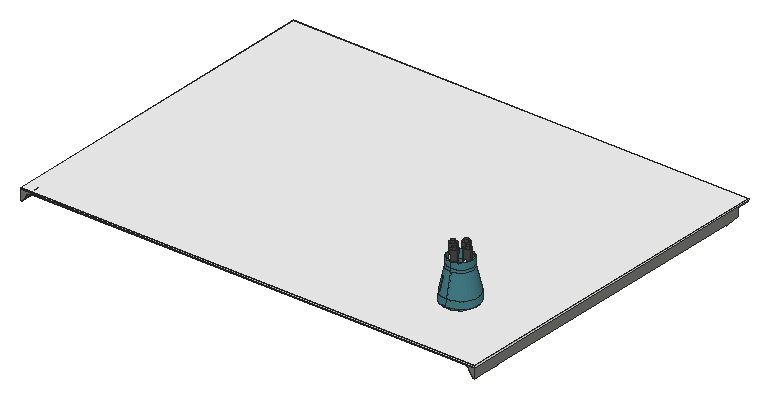
Revit family "Worksurface-Teknion-JNWDG_Double-Sided_Writable_Glass-R2018", category Furniture, Revit 2018
Family settings
  OmniClass Number = 23.40.20.00
  OmniClass Title = General Furniture and Specialties
  Work Plane-Based = No
  Always vertical = Yes
  Cut with Voids When Loaded = No
  Shared = Yes
  Room Calculation Point = No
Parameters (values of type "36" Depth, With Companion Marker Kit")
  Width [instance] = 48.000"
  Warranty = "http://www.teknion.com/ca/papers/legal-canada"
  Unit Weight URL = "http://www.teknion.com/ca/tools/assets#&asset=bee6a381-b954-425e-8283-5a2de3a804f2,f828d448-4b62-4231-9e5f-9a8991c0ed77"
  URL = "www.teknion.com"
  To render please download texture images found here [instance] = "https://assets.teknion.com/web/5e81352c1dfdb467/revit-material-swatches/"
  Sustainability Data = "https://www.teknion.com/ca/tools/assets#&topic=216f99a5-57a0-44fc-b10a-9dee9b29ae4c&asset=444deb64-fe58-4b68-981e-f75e97781df7,b4ff2d81-9f2e-437d-9659-7cffb09c31cf"
  Series = "Expansion Cityline"  # constant formula
  Product Page URL = "https://www.teknion.com/ca/products/product-details?productlineid=9ad2a26e-8e7a-673b-a6c8-ff05004460c4"
  Product Line = "Expansion Cityline"  # constant formula
  Product Documentation Link = "https://www.teknion.com/pricing/expansion-cityline/pdfs/JNwdg_ppg.pdf"
  Part Number = "JNWDG"  # constant formula
  Model = "JNWDG36__K"
  Metal Edge Finish [instance] = Paint - Teknion - Mica - Anthracite
  Manufacturer Phone = "416-661-3370"  # constant formula
  Manufacturer Fax = "416.661.4586"  # constant formula
  Manufacturer Contact Information = "http://www.teknion.com/ca/contactus"
  Manufacturer Address = "1150 Flint Road, Toronto, ON. M3J 2J5. Canada"  # constant formula
  Manufacturer = "Teknion"  # constant formula
  How To Use Teknion Materials User Guide [instance] = "https://assets.teknion.com/m/205dd0a49fa58060/original/How-to-add-a-Material-Library-and-Texture-Images-to-your-Revit-project.pdf"
  For Additional Finishes please visit [instance] = "https://assets.teknion.com/m/44a8009b046e5d47/original/Teknion_Materials_Library.zip"
  Description = "Double-Sided Writable Glass Worksurface, 36\" Depth, With Companion Marker Kit"
  Depth = 36.000"
  Companion Finish [instance] = Paint - Teknion - Accent - Mineral Teal
  Backpainted Glass [instance] = Back-painted Glass - K7 - Teknion - Very White
  Available Widths [instance] = if(Depth = 60.000", "24, 30, 36, 42, or 48 inches.", "24, 30, 36, 42, 48, 54, 60, 66, or 72 inches.")  # "24, 30, 36, 42, 48, 54, 60, 66, or 72 inches."
  Assembly Code = "E2020200"
Types (4): name | Model | Description | Depth | Available Widths
  (no name) | "JNWDG36__K" | "Double-Sided Writable Glass Worksurface, 36\" Depth, With Companion Marker Kit" | 36.000" | "24, 30, 36, 42, 48, 54, 60, 66, or 72 inches."
  36" Depth, With Companion Marker Kit | "JNWDG36__K" | "Double-Sided Writable Glass Worksurface, 36\" Depth, With Companion Marker Kit" | 36.000" | "24, 30, 36, 42, 48, 54, 60, 66, or 72 inches."
  48" Depth, With Companion Marker Kit | "JNWDG48__K" | "Double-Sided Writable Glass Worksurface, 48\" Depth, With Companion Marker Kit" | 48.000" | "24, 30, 36, 42, 48, 54, 60, 66, or 72 inches."
  60" Depth, With Companion Marker Kit | "JNWDG60__K" | "Double-Sided Writable Glass Worksurface, 60\" Depth, With Companion Marker Kit" | 60.000" | "24, 30, 36, 42, or 48 inches."
Reference planes (in)
  plane 1 "Center Front/Back": y = -2.90852
  plane 2: z = 0
  plane 3 "Center Left/Right": x = 0.13106
  plane 4 "Left": x = -23.86894
  plane 5 "Right": x = 24.13106
  plane 6 "Back": y = 15.09148
  plane 7 "Front": y = -20.90852
  plane 8 "Top": z = 29
  plane 9: y = -19.57079
  plane 10: z = 34.19291
  plane 11: z = 33.18898
  plane 12: y = 13.75375
  plane 13: x = 16.25688
  plane 14: y = -13.03532
Forms (in)
  Sweep 1, solid, material "Glass - Teknion - CL - Clear"
    path origin (0, 0, 0) x (1, 0, 0) y (0, 0, 1)
      loop
        line (0.13106, 29) -> (0.13106, 28.96063)
    profile origin (0.13106, 0, 28.98031) x (0, -1, 0) y (1, 0, 0)
      loop
        line (-15.09148, -24) -> (20.90852, -24) -> (20.90852, 24) -> (-15.09148, 24) -> (-15.09148, -24)
  Sweep 2, solid, material "Back-painted Glass - K7 - Teknion - Very White" <- "Backpainted Glass"
    path origin (0, 0, 0) x (1, 0, 0) y (0, 0, 1)
      loop
        line (0.13106, 28.96063) -> (0.13106, 28.84252)
    profile origin (0.13106, 0, 28.90157) x (0, -1, 0) y (1, 0, 0)
      loop
        line (-15.09148, -24) -> (20.90852, -24) -> (20.90852, 24) -> (-15.09148, 24) -> (-15.09148, -24)
  Sweep 3, solid, material "Paint - Teknion - Mica - Anthracite" <- "Metal Edge Finish"
    path origin (0, 0, 0) x (1, 0, 0) y (0, 1, 0)
      loop
        line (-23.86894, -2.90852) -> (24.13106, -2.90852)
    profile origin (0.13106, -2.90852, 0) x (0, 1, 0) y (0, 0, 1)
      loop
        line (-16.66227, 27.82677) -> (-15.39336, 27.71654) -> (-15.14567, 27.71654) -> (-15.14567, 27.81102) -> (15.14567, 27.81102) -> (15.14567, 27.71654) -> (15.39336, 27.71654) -> (16.66227, 27.82677) -> (16.66227, 27.79428) -> (18, 27.79428) -> (18, 28.84252) -> (-18, 28.84252) -> (-18, 27.79428) -> (-16.66227, 27.79428) -> (-16.66227, 27.82677)
  Sweep 4, void
    path origin (0, 0, 0) x (1, 0, 0) y (0, 1, 0)
      loop
        line (0.13106, -23.90852) -> (0.13106, -19.57079)
    profile origin (0.13106, -21.73965, 0) x (-1, 0, 0) y (0, 0, 1)
      loop
        arc (-22.95399, 28.73661) -> (-23.18759, 28.64821) -> (-23.35827, 28.46586) r 0.5517
        line (-23.35827, 28.46586) -> (-23.67914, 27.91064)
        arc (-23.67914, 27.91064) -> (-23.75219, 27.83763) -> (-23.85194, 27.81091) r 0.19958
        line (-23.85194, 27.81091) -> (-23.99985, 27.81091) -> (-23.99985, 27.59117) -> (24, 27.59117) -> (24, 27.81091) -> (23.8521, 27.81091)
        arc (23.8521, 27.81091) -> (23.75234, 27.83763) -> (23.67929, 27.91064) r 0.19958
        line (23.67929, 27.91064) -> (23.35842, 28.46586)
        arc (23.35842, 28.46586) -> (23.18774, 28.64821) -> (22.95414, 28.73661) r 0.5517
        line (22.95414, 28.73661) -> (-22.95399, 28.73661)
  Revolve 5, solid, material "Paint - Teknion - Accent - Mineral Teal" <- "Companion Finish"
    sketch origin (16.25688, -11.26911, 48) x (0, 1, 0) y (0, 0, 1)
      loop
        line (-1.76342, -14.83071) -> (-3.03098, -14.83071) -> (-3.04186, -15.43711)
        arc (-3.04186, -15.43711) -> (-3.05102, -15.57928) -> (-3.07333, -15.71998) r 1.53463
        line (-3.07333, -15.71998) -> (-3.57852, -18.13046)
        arc (-3.57852, -18.13046) -> (-3.63324, -18.47675) -> (-3.65318, -18.82677) r 3.51502
        line (-3.65318, -18.82677) -> (-1.76342, -18.82677) -> (-1.76342, -14.83071)
      axis (-1.76342, -14.83071) -> (-1.76342, -18.82677)
    angle from 0 to 360
  Blend 6, solid, material "Plastic - Teknion - E - Ebony"
    base sketch origin (0, 0, 0) x (1, 0, 0) y (0, 1, 0)
      loop
        circle (16.25708, -12.24709) r 0.31659
    top sketch origin (0, 0, 0) x (1, 0, 0) y (0, 1, 0)
      loop
        circle (16.25708, -12.24709) r 0.36603
    from 33.18898 to 34.19291
  Revolve 7, void
    sketch origin (26.49067, -13.03532, 48) x (-1, 0, 0) y (0, 0, 1)
      loop
        line (10.23379, -14.83071) -> (9.04364, -14.83071) -> (9.04364, -15.71998) -> (8.53433, -18.14418)
        arc (8.53433, -18.14418) -> (8.49239, -18.38587) -> (8.46758, -18.62992) r 3.47911
        line (8.46758, -18.62992) -> (10.23379, -18.62992) -> (10.23379, -14.83071)
      axis (10.23379, -14.83071) -> (10.23379, -18.62992)
    angle from 0 to 360
  SweptBlend 8, solid, material "Plastic - Teknion - White"
    path origin (0, -2.90852, 0) x (1, 0, 0) y (0, 0, 1)
      loop
        line (15.46964, 29.64567) -> (15.46964, 33.18898)
    profile origin (15.46964, -2.90852, 29.64567) x (-1, 0, 0) y (0, -1, 0)
      loop
        circle (-0.78744, 9.33857) r 0.36603
    end profile origin (15.46964, -2.90852, 33.18898) x (-1, 0, 0) y (0, -1, 0)
      loop
        circle (-0.78744, 9.33857) r 0.31659
  Blend 9, solid, material "Plastic - Teknion - E - Ebony"
    base sketch origin (-0.78815, -0.78765, 0) x (1, 0, 0) y (0, 1, 0)
      loop
        circle (16.25708, -12.24709) r 0.31659
    top sketch origin (-0.78815, -0.78765, 0) x (1, 0, 0) y (0, 1, 0)
      loop
        circle (16.25708, -12.24709) r 0.36603
    from 33.18898 to 34.19291
  SweptBlend 10, solid, material "Plastic - Teknion - White"
    path origin (-0.78815, -3.69617, 0) x (1, 0, 0) y (0, 0, 1)
      loop
        line (15.46964, 29.64567) -> (15.46964, 33.18898)
    profile origin (14.68149, -3.69617, 29.64567) x (-1, 0, 0) y (0, -1, 0)
      loop
        circle (-0.78744, 9.33857) r 0.36603
    end profile origin (14.68149, -3.69617, 33.18898) x (-1, 0, 0) y (0, -1, 0)
      loop
        circle (-0.78744, 9.33857) r 0.31659
  Blend 11, solid, material "Plastic - Teknion - E - Ebony"
    base sketch origin (0.78585, -0.78984, 0) x (1, 0, 0) y (0, 1, 0)
      loop
        circle (16.25708, -12.24709) r 0.31659
    top sketch origin (0.78585, -0.78984, 0) x (1, 0, 0) y (0, 1, 0)
      loop
        circle (16.25708, -12.24709) r 0.36603
    from 33.18898 to 34.19291
  SweptBlend 12, solid, material "Plastic - Teknion - White"
    path origin (0.78585, -3.69835, 0) x (1, 0, 0) y (0, 0, 1)
      loop
        line (15.46964, 29.64567) -> (15.46964, 33.18898)
    profile origin (16.2555, -3.69835, 29.64567) x (-1, 0, 0) y (0, -1, 0)
      loop
        circle (-0.78744, 9.33857) r 0.36603
    end profile origin (16.2555, -3.69835, 33.18898) x (-1, 0, 0) y (0, -1, 0)
      loop
        circle (-0.78744, 9.33857) r 0.31659
  Blend 13, solid, material "Plastic - Teknion - E - Ebony"
    base sketch origin (0.00044, -1.57654, 0) x (1, 0, 0) y (0, 1, 0)
      loop
        circle (16.25708, -12.24709) r 0.31659
    top sketch origin (0.00044, -1.57654, 0) x (1, 0, 0) y (0, 1, 0)
      loop
        circle (16.25708, -12.24709) r 0.36603
    from 33.18898 to 34.19291
  SweptBlend 14, solid, material "Plastic - Teknion - White"
    path origin (0.00044, -4.48505, 0) x (1, 0, 0) y (0, 0, 1)
      loop
        line (15.46964, 29.64567) -> (15.46964, 33.18898)
    profile origin (15.47009, -4.48505, 29.64567) x (-1, 0, 0) y (0, -1, 0)
      loop
        circle (-0.78744, 9.33857) r 0.36603
    end profile origin (15.47009, -4.48505, 33.18898) x (-1, 0, 0) y (0, -1, 0)
      loop
        circle (-0.78744, 9.33857) r 0.31659
  Sweep 15, solid, material "Plastic - Teknion - E - Ebony"
    path origin (0, -2.90852, 0) x (1, 0, 0) y (0, 0, 1)
      loop
        line (15.46964, 33.69291) -> (15.46964, 34.40945)
    profile origin (15.46964, -2.90852, 34.05118) x (-1, 0, 0) y (0, -1, 0)
      loop
        circle (0.00018, 10.12749) r 0.17971
  Sweep 16, solid, material "Plastic - Teknion - E - Ebony"
    path origin (0.78807, -3.69452, 0) x (1, 0, 0) y (0, 0, 1)
      loop
        line (15.46964, 33.69291) -> (15.46964, 34.40945)
    profile origin (16.25771, -3.69452, 34.05118) x (-1, 0, 0) y (0, -1, 0)
      loop
        circle (0.00018, 10.12749) r 0.17971
  Sweep 17, solid, material "Plastic - Teknion - E - Ebony"
    path origin (0.78807, -2.11915, 0) x (1, 0, 0) y (0, 0, 1)
      loop
        line (15.46964, 33.69291) -> (15.46964, 34.40945)
    profile origin (16.25771, -2.11915, 34.05118) x (-1, 0, 0) y (0, -1, 0)
      loop
        circle (0.00018, 10.12749) r 0.17971
  Sweep 18, solid, material "Plastic - Teknion - E - Ebony"
    path origin (1.57488, -2.90693, 0) x (1, 0, 0) y (0, 0, 1)
      loop
        line (15.46964, 33.69291) -> (15.46964, 34.40945)
    profile origin (17.04452, -2.90693, 34.05118) x (-1, 0, 0) y (0, -1, 0)
      loop
        circle (0.00018, 10.12749) r 0.17971
  Sweep 19, solid, material "Paint - Teknion - Accent - Mineral Teal" <- "Companion Finish"
    path origin (0, -2.90852, 0) x (1, 0, 0) y (0, 0, 1)
      loop
        line (16.25688, 29.37008) -> (16.25688, 29)
    profile origin (16.25688, -2.90852, 29.18504) x (0, -1, 0) y (1, 0, 0)
      loop
        circle (10.1268, 0) r 1.76621
  Sweep 20, void
    path origin (0, -5.81704, 0) x (1, 0, 0) y (0, 1, 0)
      loop
        line (0.13106, 23.90852) -> (0.13106, 19.57079)
    profile origin (0.13106, 15.92262, 0) x (1, 0, 0) y (0, 0, 1)
      loop
        line (35.08505, 28.73661) -> (-34.82308, 28.73661)
        arc (-34.82308, 28.73661) -> (-35.05668, 28.64821) -> (-35.22736, 28.46586) r 0.5517
        line (-35.22736, 28.46586) -> (-35.54823, 27.91064)
        arc (-35.54823, 27.91064) -> (-35.62128, 27.83763) -> (-35.72103, 27.81091) r 0.19958
        line (-35.72103, 27.81091) -> (-35.86894, 27.81091) -> (-35.86894, 27.59117) -> (36.13091, 27.59117) -> (36.13091, 27.81091) -> (35.983, 27.81091)
        arc (35.983, 27.81091) -> (35.88325, 27.83763) -> (35.8102, 27.91064) r 0.19958
        line (35.8102, 27.91064) -> (35.48933, 28.46586)
        arc (35.48933, 28.46586) -> (35.31865, 28.64821) -> (35.08505, 28.73661) r 0.5517
Cuts and joins
  Revolve 7 cuts Revolve 5
  Sweep 4, Sweep 20 cuts Sweep 3
Lines and regions (in)
  Masking region 1
    outline origin (0, 0, 0) x (1, 0, 0) y (0, 1, 0)
      loop
        line (-23.86894, 15.09148) -> (-23.86894, -20.90852) -> (24.13106, -20.90852) -> (24.13106, 15.09148) -> (-23.86894, 15.09148)
  symbolic lines, style "FurnitureHiddenLines", detail levels medium+fine
    curve 1: line (24.13106, -18.05419, 0) -> (-23.86894, -18.05419, 0)
    curve 2: line (24.13106, -18.30188, 0) -> (-23.86894, -18.30188, 0)
    curve 4: line (-23.86894, 12.23715, 0) -> (24.13106, 12.23715, 0)
    curve 6: line (24.13106, 12.48484, 0) -> (-23.86894, 12.48484, 0)
  symbolic lines, style "FurnitureHiddenLines", detail levels fine
    curve 3: line (24.13106, -19.57079, 0) -> (-23.86894, -19.57079, 0)
    curve 5: line (-23.86894, 13.75375, 0) -> (24.13106, 13.75375, 0)
    curve 7: line (-35.73788, 15.09148, 0) -> (-35.73788, 13.75375, 0)
    curve 8: line (-34.69202, 15.09148, 0) -> (-34.69202, 13.75375, 0)
    curve 9: line (35.21611, 13.75375, 0) -> (35.21611, 15.09148, 0)
    curve 10: line (23.08505, -20.90852, 0) -> (23.08505, -19.57079, 0)
    curve 11: line (-22.82308, -19.57079, 0) -> (-22.82308, -20.90852, 0)
    curve 36: arc (16.25688, -11.26911, 0) -> (14.49067, -13.03532, 0) -> (16.25688, -14.80152, 0) r 1.76621
    curve 37: arc (16.25688, -14.80152, 0) -> (18.02309, -13.03532, 0) -> (16.25688, -11.26911, 0) r 1.76621
  symbolic lines
    curve 12: arc (16.25688, -11.14276, 0) -> (14.36712, -13.03253, 0) -> (16.25688, -14.92229, 0) r 1.88976
    curve 13: arc (16.25688, -14.92229, 0) -> (18.14665, -13.03253, 0) -> (16.25688, -11.14276, 0) r 1.88976
    curve 14: arc (16.25688, -11.72262, 0) -> (14.94698, -13.03253, 0) -> (16.25688, -14.34243, 0) r 1.30991
    curve 15: arc (16.25688, -14.34243, 0) -> (17.56679, -13.03253, 0) -> (16.25688, -11.72262, 0) r 1.30991
    curve 16: arc (16.25688, -14.30009, 0) -> (14.98932, -13.03253, 0) -> (16.25688, -11.76496, 0) r 1.26757
    curve 17: arc (16.25688, -11.76496, 0) -> (17.52445, -13.03253, 0) -> (16.25688, -14.30009, 0) r 1.26757
    curve 18: arc (15.06673, -13.03532, 0) -> (16.25688, -11.84516, 0) -> (17.44704, -13.03532, 0) r 1.19015
    curve 19: arc (17.44704, -13.03532, 0) -> (16.25688, -14.22547, 0) -> (15.06673, -13.03532, 0) r 1.19015
    curve 20: arc (16.62312, -12.24709, 0) -> (16.25708, -11.88106, 0) -> (15.89105, -12.24709, 0) r 0.36603
    curve 21: arc (16.62312, -12.24709, 0) -> (16.25708, -12.61313, 0) -> (15.89105, -12.24709, 0) r 0.36603
    curve 22: arc (16.07781, -12.24664, 0) -> (16.25753, -12.06692, 0) -> (16.43724, -12.24664, 0) r 0.17971
    curve 23: arc (16.43724, -12.24664, 0) -> (16.25753, -12.42635, 0) -> (16.07781, -12.24664, 0) r 0.17971
    curve 24: arc (15.83497, -13.03474, 0) -> (15.46893, -12.66871, 0) -> (15.1029, -13.03474, 0) r 0.36603
    curve 25: arc (15.28975, -13.03601, 0) -> (15.46946, -12.85629, 0) -> (15.64918, -13.03601, 0) r 0.17971
    curve 26: arc (15.64918, -13.03601, 0) -> (15.46946, -13.21572, 0) -> (15.28975, -13.03601, 0) r 0.17971
    curve 27: arc (15.83497, -13.03474, 0) -> (15.46893, -13.40077, 0) -> (15.1029, -13.03474, 0) r 0.36603
    curve 28: arc (17.40897, -13.03693, 0) -> (17.04294, -12.6709, 0) -> (16.6769, -13.03693, 0) r 0.36603
    curve 29: arc (16.86462, -13.03442, 0) -> (17.04434, -12.85471, 0) -> (17.22405, -13.03442, 0) r 0.17971
    curve 30: arc (17.22405, -13.03442, 0) -> (17.04434, -13.21413, 0) -> (16.86462, -13.03442, 0) r 0.17971
    curve 31: arc (16.6769, -13.03693, 0) -> (17.04294, -13.40296, 0) -> (17.40897, -13.03693, 0) r 0.36603
    curve 32: arc (16.62356, -13.82363, 0) -> (16.25753, -13.45759, 0) -> (15.89149, -13.82363, 0) r 0.36603
    curve 33: arc (16.07781, -13.82201, 0) -> (16.25753, -13.6423, 0) -> (16.43724, -13.82201, 0) r 0.17971
    curve 34: arc (16.43724, -13.82201, 0) -> (16.25753, -14.00172, 0) -> (16.07781, -13.82201, 0) r 0.17971
    curve 35: arc (15.89149, -13.82363, 0) -> (16.25753, -14.18966, 0) -> (16.62356, -13.82363, 0) r 0.36603
    curve 38: arc (16.57412, -13.82363, 0) -> (16.25753, -13.50704, 0) -> (15.94094, -13.82363, 0) r 0.31659
    curve 39: arc (15.94094, -13.82363, 0) -> (16.25753, -14.14022, 0) -> (16.57412, -13.82363, 0) r 0.31659
    curve 40: arc (17.35952, -13.03693, 0) -> (17.04294, -12.72034, 0) -> (16.72635, -13.03693, 0) r 0.31659
    curve 41: arc (16.72635, -13.03693, 0) -> (17.04294, -13.35352, 0) -> (17.35952, -13.03693, 0) r 0.31659
    curve 42: arc (16.57367, -12.24709, 0) -> (16.25708, -11.9305, 0) -> (15.9405, -12.24709, 0) r 0.31659
    curve 43: arc (15.9405, -12.24709, 0) -> (16.25708, -12.56368, 0) -> (16.57367, -12.24709, 0) r 0.31659
    curve 44: arc (15.78552, -13.03474, 0) -> (15.46893, -12.71815, 0) -> (15.15234, -13.03474, 0) r 0.31659
    curve 45: arc (15.15234, -13.03474, 0) -> (15.46893, -13.35133, 0) -> (15.78552, -13.03474, 0) r 0.31659
Dimensions and locks (in)
  "Width": plane 4 "Left" to plane 5 "Right"
  "Depth": plane 6 "Back" to plane 7 "Front"
  plane 8 "Top" to level = 29.000"
  equal spacing: plane 7 "Front", plane 1 "Center Front/Back", plane 6 "Back"
  locked: Sweep 2 sketch curve to Sweep 2 sketch curve at 0.11811
  plane 6 "Back" to Sweep 3 sketch curve to Sweep 3 sketch curve to Sweep 3 sketch curve = 1.33773" locked, 1.26891" locked, 0.24769" locked
  plane 8 "Top" to Sweep 3 sketch curve to Sweep 3 sketch curve to Sweep 3 sketch curve to Sweep 3 sketch curve to Sweep 3 sketch curve to Sweep 3 sketch curve to Sweep 3 sketch curve to Sweep 3 sketch curve = 0.15748" locked, 1.01575" locked, 0.000" locked, 0.01575" locked, 0.01675" locked, 0.000" locked, 0.07774" locked, 0.000" locked
  Sweep 3 sketch curve to Sweep 3 sketch curve to Sweep 3 sketch curve to plane 7 "Front" = 0.24769" locked, 1.26891" locked, 1.33773" locked
  plane 8 "Top" to Sweep 4 sketch curve to Sweep 4 sketch curve to Sweep 4 sketch curve to Sweep 4 sketch curve to Sweep 4 sketch curve to Sweep 4 sketch curve to Sweep 4 sketch curve to Sweep 4 sketch curve to Sweep 4 sketch curve to Sweep 4 sketch curve to Sweep 4 sketch curve = 0.26339" locked, 0.27075" locked, 0.000" locked, 0.27605" locked, 0.000" locked, 0.17932" locked, 0.000" locked, 0.09986" locked, 0.000" locked, 0.09972" locked, 0.21974" locked
  Sweep 4 sketch curve to Sweep 4 sketch curve to Sweep 4 sketch curve to Sweep 4 sketch curve to plane 5 "Right" = 0.47767" locked, 0.32087" locked, 0.1728" locked, 0.14806" locked
  Sweep 4 sketch curve to Sweep 4 sketch curve to plane 4 "Left" = 0.97134" locked, 0.1479" locked
  locked: Blend 6 sketch curve to plane 5 "Right" at 7.87398  (x2)
  locked: plane 7 "Front" to Blend 6 sketch curve at 8.66143  (x2)
  Sweep 15 sketch curve to Sweep 15 sketch curve to plane 8 "Top" = 0.71654" locked, 4.69291" locked
  locked: Sweep 15 sketch curve to plane 5 "Right" at 8.66142
  locked: plane 7 "Front" to Sweep 15 sketch curve at 7.87251
  locked: Sweep 15 sketch curve to plane 5 "Right" at 8.6616
  locked: Sweep 16 sketch curve to Sweep 16 sketch curve at 0.71654
  locked: Sweep 17 sketch curve to Sweep 17 sketch curve at 0.71654
  locked: Sweep 18 sketch curve to Sweep 18 sketch curve at 0.71654
  locked: Sweep 18 sketch curve to plane 5 "Right" at 7.08672
  locked: plane 7 "Front" to Sweep 18 sketch curve at 7.8741
  locked: plane 7 "Front" to Sweep 16 sketch curve at 7.08651
  locked: Sweep 16 sketch curve to plane 5 "Right" at 7.87353
  locked: plane 7 "Front" to Sweep 17 sketch curve at 8.66188
  locked: Sweep 17 sketch curve to plane 5 "Right" at 7.87353
  locked: Blend 9 sketch curve to plane 5 "Right" at 8.66213  (x2)
  locked: plane 7 "Front" to Blend 9 sketch curve at 7.87378  (x2)
  locked: SweptBlend 10 sketch curve to plane 5 "Right" at 8.66213  (x2)
  locked: plane 7 "Front" to SweptBlend 10 sketch curve at 7.87378  (x2)
  plane 10 to plane 11 to plane 8 "Top" = 1.00394" locked, 4.18898" locked
  Sweep 20 sketch curve to Sweep 20 sketch curve to Sweep 20 sketch curve to Sweep 20 sketch curve to Sweep 20 sketch curve to Sweep 20 sketch curve to Sweep 20 sketch curve to Sweep 20 sketch curve to Sweep 20 sketch curve to Sweep 20 sketch curve to Sweep 20 sketch curve = 0.27075" locked, 0.000" locked, 0.27605" locked, 0.000" locked, 0.17932" locked, 0.000" locked, 0.09986" locked, 0.000" locked, 0.09972" locked, 0.21974" locked
  Sweep 20 sketch curve to Sweep 20 sketch curve to Sweep 20 sketch curve to Sweep 20 sketch curve = 0.1728" locked, 0.32087" locked, 0.47767" locked
  locked: Sweep 20 sketch curve to Sweep 20 sketch curve at 0.97134
  locked: plane 6 "Back" to plane 12 at 1.33773
  locked: Sweep 20 sketch curve to plane 12 at 4.33773
  locked: plane 7 "Front" to plane 9 at 1.33773
  locked: Sweep 4 sketch curve to plane 9 at 4.33773
  locked: SweptBlend 12 sketch curve to plane 8 "Top" at 0.64567
  locked: SweptBlend 12 sketch curve to plane 5 "Right" at 7.87557
  locked: SweptBlend 8 sketch curve to plane 5 "Right" at 7.87398  (x2)
  locked: plane 7 "Front" to SweptBlend 8 sketch curve at 8.66143  (x2)
  equal spacing: plane 4 "Left", plane 3 "Center Left/Right", plane 5 "Right"
  locked: Blend 11 sketch curve to plane 5 "Right" at 7.08813  (x2)
  locked: plane 7 "Front" to Blend 11 sketch curve at 7.87159  (x2)
  locked: SweptBlend 12 sketch curve to plane 5 "Right" at 7.08813  (x2)
  locked: plane 7 "Front" to SweptBlend 12 sketch curve at 7.87159  (x2)
  locked: plane 7 "Front" to Blend 13 sketch curve at 7.08489  (x2)
  locked: Blend 13 sketch curve to plane 5 "Right" at 7.87353  (x2)
  locked: plane 7 "Front" to SweptBlend 14 sketch curve at 7.08489  (x2)
  locked: SweptBlend 14 sketch curve to plane 5 "Right" at 7.87353  (x2)
  Revolve 5 sketch curve to Revolve 5 sketch curve to Revolve 5 sketch curve to Revolve 5 sketch curve to Revolve 5 sketch curve to Revolve 5 sketch curve to plane 7 "Front" = 1.62517" locked, 1.26757" locked, 0.04234" locked, 0.57986" locked, 0.92306" locked, 5.06317" locked
  Revolve 5 sketch curve to Revolve 5 sketch curve to Revolve 5 sketch curve to Revolve 5 sketch curve to plane 8 "Top" = 0.88927" locked, 2.41048" locked, 0.69631", 0.17323"
  locked: plane 13 to plane 5 "Right" at 7.87418
  Revolve 7 sketch curve to Revolve 7 sketch curve to Revolve 7 sketch curve to Revolve 7 sketch curve to Revolve 7 sketch curve to plane 5 "Right" = 1.70532" locked, 1.19015" locked, 0.50931" locked, 0.06675" locked, 6.10797" locked
  Revolve 7 sketch curve to Revolve 7 sketch curve to Revolve 7 sketch curve to Revolve 7 sketch curve to plane 8 "Top" = 0.88927" locked, 2.90994" locked, 0.22958" locked, 0.1405" locked
  locked: plane 14 to plane 7 "Front" at 7.8732
  locked: Sweep 19 sketch curve to plane 5 "Right" at 7.87418
  locked: plane 7 "Front" to Sweep 19 sketch curve at 7.8732
  aligned and locked: level to plane 2
  aligned and locked: plane 9 to Sweep 4 sketch curve
  aligned and locked: Sweep 4 sketch curve to plane 3 "Center Left/Right"
  aligned and locked: plane 7 "Front" to Sweep 3 sketch curve
  aligned and locked: Sweep 3 sketch curve to plane 6 "Back"
  aligned and locked: Sweep 20 sketch curve to plane 12
  aligned and locked: Sweep 20 sketch curve to plane 3 "Center Left/Right"
  aligned and locked: plane 10 to Blend 9
  aligned and locked: Blend 9 to plane 11
  aligned and locked: Blend 13 to plane 11
  aligned and locked: plane 10 to Blend 13
  aligned and locked: Blend 11 to plane 11
  aligned and locked: plane 10 to Blend 11
  aligned and locked: plane 10 to Blend 6
  aligned and locked: Blend 6 to plane 11
  aligned and locked: plane 11 to SweptBlend 12 sketch curve
  aligned and locked: Sweep 1 sketch curve to plane 4 "Left"
  aligned and locked: plane 5 "Right" to Sweep 1 sketch curve
  aligned and locked: Sweep 1 sketch curve to plane 7 "Front"
  aligned and locked: Sweep 1 sketch curve to plane 6 "Back"
  aligned and locked: Sweep 2 sketch curve to plane 4 "Left"
  aligned and locked: plane 5 "Right" to Sweep 2 sketch curve
  aligned and locked: Sweep 2 sketch curve to plane 6 "Back"
  aligned and locked: Sweep 2 sketch curve to plane 7 "Front"
  aligned and locked: Masking region 1 sketch curve to plane 6 "Back"
  aligned and locked: Masking region 1 sketch curve to Sweep 1
  aligned and locked: Masking region 1 sketch curve to plane 7 "Front"
  aligned and locked: plane 5 "Right" to Masking region 1 sketch curve
  aligned and locked: curve 1 to cut or joined group of Sweep 3, Sweep 4, Sweep 20
  aligned and locked: curve 2 to cut or joined group of Sweep 3, Sweep 4, Sweep 20
  aligned and locked: curve 3 to cut or joined group of Sweep 3, Sweep 4, Sweep 20
  aligned and locked: curve 4 to cut or joined group of Sweep 3, Sweep 4, Sweep 20
  aligned and locked: curve 5 to cut or joined group of Sweep 3, Sweep 4, Sweep 20
  aligned and locked: curve 6 to cut or joined group of Sweep 3, Sweep 4, Sweep 20
  aligned and locked: plane 4 "Left" to curve 5
  aligned and locked: plane 4 "Left" to curve 3
  aligned and locked: plane 5 "Right" to curve 3
  aligned and locked: plane 5 "Right" to curve 5
  aligned and locked: cut or joined group of Sweep 3, Sweep 4, Sweep 20 to curve 7
  aligned and locked: curve 10 to cut or joined group of Sweep 3, Sweep 4, Sweep 20
  aligned and locked: curve 11 to cut or joined group of Sweep 3, Sweep 4, Sweep 20
  aligned and locked: curve 12 to cut or joined group of Revolve 5, Revolve 7
  aligned and locked: curve 13 to cut or joined group of Revolve 5, Revolve 7
  aligned and locked: curve 14 to cut or joined group of Revolve 5, Revolve 7
  aligned and locked: curve 15 to cut or joined group of Revolve 5, Revolve 7
  aligned and locked: curve 16 to cut or joined group of Revolve 5, Revolve 7
  aligned and locked: curve 17 to cut or joined group of Revolve 5, Revolve 7
  aligned and locked: curve 18 to cut or joined group of Revolve 5, Revolve 7
  aligned and locked: curve 19 to cut or joined group of Revolve 5, Revolve 7
  aligned and locked: curve 20 to Blend 6
  aligned and locked: curve 21 to SweptBlend 8
  aligned and locked: curve 22 to Sweep 17
  aligned and locked: curve 23 to Sweep 17
  aligned and locked: curve 24 to Blend 9
  aligned and locked: curve 25 to Sweep 15
  aligned and locked: curve 26 to Sweep 15
  aligned and locked: curve 27 to SweptBlend 10
  aligned and locked: curve 28 to Blend 11
  aligned and locked: curve 29 to Sweep 18
  aligned and locked: curve 30 to Sweep 18
  aligned and locked: curve 31 to Blend 11
  aligned and locked: curve 32 to Blend 13
  aligned and locked: curve 33 to Sweep 16
  aligned and locked: curve 34 to Sweep 16
  aligned and locked: curve 35 to Blend 13
  aligned and locked: curve 36 to Sweep 19
  aligned and locked: curve 37 to Sweep 19
  aligned and locked: curve 38 to SweptBlend 14
  aligned and locked: curve 39 to SweptBlend 14
  aligned and locked: curve 40 to SweptBlend 12
  aligned and locked: curve 41 to SweptBlend 12
  aligned and locked: curve 42 to SweptBlend 8
  aligned and locked: curve 43 to SweptBlend 8
  aligned and locked: curve 44 to SweptBlend 10
  aligned and locked: curve 45 to SweptBlend 10
Automatic sketch dimensions
  Sweep 1 sketch curve to plane 3 "Center Left/Right" = 0.000"
  Sweep 1 sketch curve to plane 8 "Top" = 0.000"
  Sweep 1 sketch curve to Sweep 1 sketch curve = 0.03937"
  Sweep 2 sketch curve to plane 3 "Center Left/Right" = 0.000"
  Sweep 2 sketch curve to plane 8 "Top" = 0.15748"
  Sweep 3 sketch curve to plane 1 "Center Front/Back" = 0.000"
  Sweep 3 sketch curve to plane 4 "Left" = 0.000"
  Sweep 3 sketch curve to plane 5 "Right" = 0.000"
  Sweep 4 sketch curve to Sweep 4 sketch curve = 0.1479"  (x2)
  Sweep 4 sketch curve to Sweep 4 sketch curve = 0.07339"
  SweptBlend 8 sketch curve to plane 11 = 0.000"
  plane 5 "Right" to SweptBlend 8 sketch curve = 8.66142"
  plane 8 "Top" to SweptBlend 8 sketch curve = 0.64567"
  SweptBlend 10 sketch curve to plane 11 = 0.000"
  plane 5 "Right" to SweptBlend 10 sketch curve = 9.44957"
  plane 8 "Top" to SweptBlend 10 sketch curve = 0.64567"
  SweptBlend 14 sketch curve to plane 11 = 0.000"
  plane 5 "Right" to SweptBlend 14 sketch curve = 8.66097"
  plane 8 "Top" to SweptBlend 14 sketch curve = 0.64567"
  plane 10 to Sweep 16 sketch curve = 0.21654"
  plane 5 "Right" to Sweep 16 sketch curve = 7.87335"
  plane 10 to Sweep 17 sketch curve = 0.21654"
  plane 5 "Right" to Sweep 17 sketch curve = 7.87335"
  plane 10 to Sweep 18 sketch curve = 0.21654"
  plane 5 "Right" to Sweep 18 sketch curve = 7.08654"
  Sweep 19 sketch curve to plane 8 "Top" = 0.000"
  plane 5 "Right" to Sweep 19 sketch curve = 7.87418"
  plane 8 "Top" to Sweep 19 sketch curve = 0.37008"
  profile plane to Sweep 20 sketch curve = 35.86894"
  Sweep 20 sketch curve to Sweep 20 sketch curve = 0.1479"  (x2)
  profile plane to Sweep 20 sketch curve = 28.46586"
  Sweep 20 sketch curve to Sweep 20 sketch curve = 0.47767"
  Sweep 20 sketch curve to profile plane = 35.01166"
  Revolve 5 sketch curve to Revolve 5 sketch curve = 0.07466"
  Revolve 5 sketch curve to plane 11 = 0.62609"
  Revolve 5 sketch curve to Revolve 5 sketch curve = 0.03147"
  Revolve 5 sketch curve to Revolve 5 sketch curve = 0.000"
  Revolve 5 sketch curve to plane 8 "Top" = 1.58071"
  plane 10 to Revolve 5 sketch curve = 1.22638"
  Revolve 7 sketch curve to plane 13 = 0.000"
  Revolve 7 sketch curve to plane 8 "Top" = 3.08071"
  plane 10 to Revolve 7 sketch curve = 1.22638"
  curve 4 to plane 4 "Left" = 0.000"
  curve 1 to plane 4 "Left" = 0.000"
  curve 2 to plane 4 "Left" = 0.000"
  curve 6 to plane 4 "Left" = 0.000"
  curve 4 to plane 5 "Right" = 0.000"
  curve 2 to plane 5 "Right" = 0.000"
  curve 1 to plane 5 "Right" = 0.000"
  curve 6 to plane 5 "Right" = 0.000"
  curve 7 to plane 6 "Back" = 0.000"
  curve 8 to plane 6 "Back" = 0.000"
  curve 9 to plane 6 "Back" = 0.000"
  plane 7 "Front" to curve 10 = 0.000"
  plane 7 "Front" to curve 11 = 0.000"
  curve 7 to curve 8 = 1.04586"
  curve 9 to plane 5 "Right" = 11.08505"
  radius of Blend 6 sketch curve = 0.31659"
  radius of Blend 6 sketch curve = 0.36603"
  radius of SweptBlend 8 sketch curve = 0.36603"
  radius of SweptBlend 8 sketch curve = 0.31659"
  radius of Blend 9 sketch curve = 0.31659"
  radius of Blend 9 sketch curve = 0.36603"
  radius of SweptBlend 10 sketch curve = 0.36603"
  radius of SweptBlend 10 sketch curve = 0.31659"
  radius of Blend 11 sketch curve = 0.31659"
  radius of Blend 11 sketch curve = 0.36603"
  radius of SweptBlend 12 sketch curve = 0.36603"
  radius of SweptBlend 12 sketch curve = 0.31659"
  radius of Blend 13 sketch curve = 0.31659"
  radius of Blend 13 sketch curve = 0.36603"
  radius of SweptBlend 14 sketch curve = 0.36603"
  radius of SweptBlend 14 sketch curve = 0.31659"
  radius of Sweep 15 sketch curve = 0.17971"
  radius of Sweep 16 sketch curve = 0.17971"
  radius of Sweep 17 sketch curve = 0.17971"
  radius of Sweep 18 sketch curve = 0.17971"
  radius of Sweep 19 sketch curve = 1.76621"
